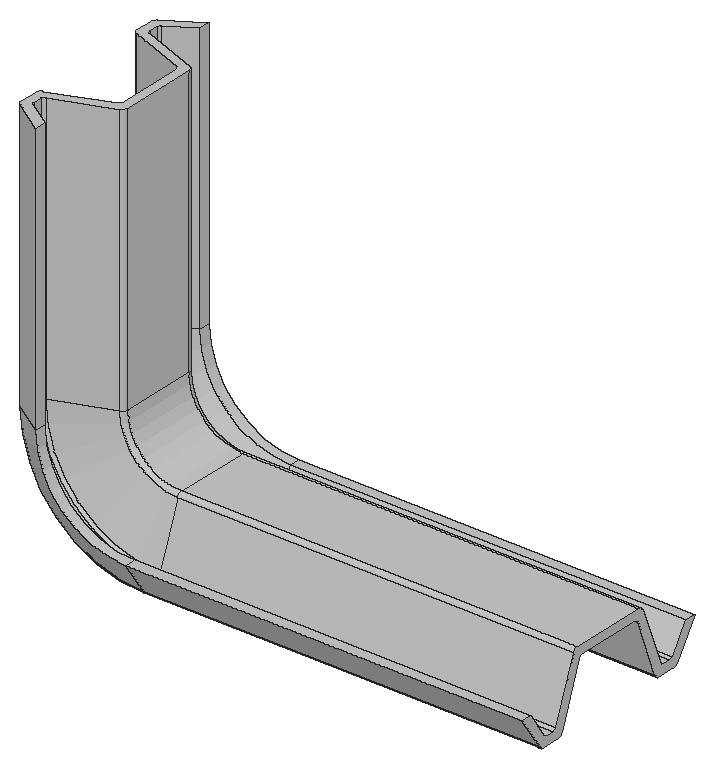
Revit family "E_Cable Tray Support_MEPcontent_OBO Bettermann_Bracket TPSA FT", category Cable Tray Fittings, Revit 2015
Parameters (values of type "TPSA 145 FT")
  Wholesaler Art. No. = ""
  Wholesaler = ""
  Watermarked By = "www.stabiplan.com"
  Width 1 = 145.00 mm
  Width = Width 1  # 145 mm
  URL = "www.stabiplan.com"
  Tray Height [instance] = 60.00 mm
  built-in parameter 1140111 [instance] = 2.50 mm  # 0.0082021 (stored number, unit not read)
  Stabu Code = ""
  Revit Version = "2015"  # constant formula
  MEPcontent Class = "CABLE_TRAY_SUPPORT"  # constant formula
  Internal Art. No. = ""
  IFCExportType = "NOTDEFINED"  # constant formula
  IFCExportAs = "IfcCableCarrierFittingType"  # constant formula
  Function Code [instance] = ""
  Family Version = "10.14"  # constant formula
  ETIM Article Class = "EC000022"  # constant formula
  EMCS Version = "2.0"  # constant formula
  Copyright = "© Stabiplan International BV"  # constant formula
  Content Supplier URL = ""
  CB-NL Class = ""
  Article Type = if(and(Width = 145.00 mm, Height = 120.00 mm), "TPSA 145 FT ", if(and(Width = 195.00 mm, Height = 120.00 mm), "TPSA 195 FT", if(and(Width = 245.00 mm, Height = 120.00 mm), "TPSA 245 FT", if(and(Width = 345.00 mm, Height = 120.00 mm), "TPSA 345 FT ", "Unknown"))))  # "TPSA 145 FT "
  Product Line = "OBO BETTERMANN CableTrays"  # constant formula
  Model = if(and(Width = 145.00 mm, Height = 120.00 mm), "TPSA 145 FT ", if(and(Width = 195.00 mm, Height = 120.00 mm), "TPSA 195 FT", if(and(Width = 245.00 mm, Height = 120.00 mm), "TPSA 245 FT", if(and(Width = 345.00 mm, Height = 120.00 mm), "TPSA 345 FT ", "Unknown"))))  # "TPSA 145 FT "
  Manufacturer = "OBO BETTERMANN"  # constant formula
  Custom [instance] = if(and(Width = 145.00 mm, Height = 120.00 mm), 1 = 0, if(and(Width = 195.00 mm, Height = 120.00 mm), 1 = 0, if(and(Width = 245.00 mm, Height = 120.00 mm), 1 = 0, if(and(Width = 345.00 mm, Height = 120.00 mm), 1 = 0, 1 = 1))))  # no
  Half Tray Height [instance] = Tray Height / 2  # 30.00 mm
  Height 1 = 120.00 mm  # constant formula
  Height = Height 1  # 120 mm
  GTIN = if(and(Width = 145.00 mm, Height = 120.00 mm), "4012196473892", if(and(Width = 195.00 mm, Height = 120.00 mm), "4012196555673", if(and(Width = 245.00 mm, Height = 120.00 mm), "4012196473953", if(and(Width = 345.00 mm, Height = 120.00 mm), "4012196474011", "Unknown"))))  # "4012196473892"
  Description = "Wall and Ceiling Bracket"
  Depth = 60.00 mm  # constant formula
  Manufacturer URL = "http://catalog4.obo-bettermann.com/catalogue/catalogue.do?favOid=kts_92394&OID=kts_50840&act=showIO&lang=nl&forward=showProductGroupView&action=showOneProduct&catId="
  Gray = Color RGB 189-187-185
  Manufacturer Art. No. = if(and(Width = 145.00 mm, Height = 120.00 mm), "6364659", if(and(Width = 195.00 mm, Height = 120.00 mm), "6364683", if(and(Width = 245.00 mm, Height = 120.00 mm), "6364667", if(and(Width = 345.00 mm, Height = 120.00 mm), "6364675", "Unknown"))))  # "6364659"
  Article Description = "Wall and Ceiling Bracket"
Types (4, lengths in mm): name | Width 1 | Width | Tray Height | Article Type | Model | Half Tray Height | GTIN | Manufacturer Art. No.
  TPSA 145 FT | 145.00 | 145 | 60.00 | "TPSA 145 FT " | "TPSA 145 FT " | 30.00 | "4012196473892" | "6364659"
  TPSA 245 FT | 245.00 | 245 | 150.00 | "TPSA 245 FT" | "TPSA 245 FT" | 75.00 | "4012196473953" | "6364667"
  TPSA 345 FT | 345.00 | 345 | 110.00 | "TPSA 345 FT " | "TPSA 345 FT " | 55.00 | "4012196474011" | "6364675"
  TPSA 195 FT | 195.00 | 195 | 60.00 | "TPSA 195 FT" | "TPSA 195 FT" | 30.00 | "4012196555673" | "6364683"
Reference planes
  plane 1 "Center (Front/Back)": y = 0
  plane 2: z = 0
  plane 3 "Center (Left/Right)": x = 0
  plane 4: z = 70
  plane 5: z = -50
  plane 6: y = 30
  plane 7: y = -30
  plane 8: x = 52.5
  plane 9: x = -72.5
  plane 10: x = 47.5
  plane 11: x = 72.5
  plane 12: z = 50
  plane 13: x = -52.5
  plane 14: z = -30
  plane 15: z = 60
  plane 16: x = -62.5
  plane 17: z = -40
  plane 18: y = -10
  plane 19: y = 10
  plane 20: y = -23.34
  plane 21: y = -16.67
  plane 22: y = 23.34
  plane 23: y = 16.67
  plane 24: y = 12.5
  plane 25: y = -12.5
Forms (mm)
  Sweep 1, solid, material "Color RGB 189-187-185" <- "Gray", detail levels medium+fine
    path origin (0, 0, 0) x (1, 0, 0) y (0, 0, 1)
      loop
        line (72.5, -30) -> (-37.5, -30)
        arc (-37.5, -30) -> (-55.178, -22.678) -> (-62.5, -5) r 25
        line (-62.5, -5) -> (-62.5, 70)
    profile origin (17.5, 0, -30) x (0, 0, -1) y (0, -1, 0)
      loop
        line (0, -26.996) -> (0, -30) -> (9.331, -23.785)
        arc (9.331, -23.785) -> (9.822, -23.245) -> (10, -22.537) r 1.5
        line (10, -22.537) -> (10, -17.704)
        arc (10, -17.704) -> (9.735, -16.852) -> (9.034, -16.302) r 1.5
        line (9.034, -16.302) -> (-6.856, -10.245)
        arc (-6.856, -10.245) -> (-7.323, -9.878) -> (-7.5, -9.311) r 1
        line (-7.5, -9.311) -> (-7.5, 9.311)
        arc (-7.5, 9.311) -> (-7.323, 9.878) -> (-6.856, 10.245) r 1
        line (-6.856, 10.245) -> (9.034, 16.302)
        arc (9.034, 16.302) -> (9.735, 16.852) -> (10, 17.704) r 1.5
        line (10, 17.704) -> (10, 22.537)
        arc (10, 22.537) -> (9.822, 23.245) -> (9.331, 23.785) r 1.5
        line (9.331, 23.785) -> (0, 30) -> (0, 26.996) -> (7.054, 22.298)
        arc (7.054, 22.298) -> (7.382, 21.938) -> (7.5, 21.466) r 1
        line (7.5, 21.466) -> (7.5, 19.082)
        arc (7.5, 19.082) -> (7.323, 18.514) -> (6.856, 18.147) r 1
        line (6.856, 18.147) -> (-9.034, 12.091)
        arc (-9.034, 12.091) -> (-9.735, 11.54) -> (-10, 10.689) r 1.5
        line (-10, 10.689) -> (-10, -10.689)
        arc (-10, -10.689) -> (-9.735, -11.54) -> (-9.034, -12.091) r 1.5
        line (-9.034, -12.091) -> (6.856, -18.147)
        arc (6.856, -18.147) -> (7.323, -18.514) -> (7.5, -19.082) r 1
        line (7.5, -19.082) -> (7.5, -21.466)
        arc (7.5, -21.466) -> (7.382, -21.938) -> (7.054, -22.298) r 1
        line (7.054, -22.298) -> (0, -26.996)
Lines and regions (mm)
  model lines, style "Fittings", detail levels coarse
    curve 1: line (72.5, 0, -40) -> (-62.5, 0, -40)
    curve 2: line (-62.5, 0, 70) -> (-62.5, 0, -40)
Dimensions and locks
  equal spacing: plane 6, plane 1 "Center (Front/Back)", plane 7
  "Depth": plane 6 to plane 7
  "Height": plane 4 to plane 5
  locked: plane 9 to plane 10 at 120
  equal spacing: plane 9, plane 3 "Center (Left/Right)", plane 11
  "Width": plane 9 to plane 11
  locked: plane 4 to plane 12 at 20
  locked: plane 9 to plane 13 at 20
  locked: plane 14 to plane 5 at 20
  equal spacing: plane 4, plane 15, plane 12
  equal spacing: plane 9, plane 16, plane 13
  equal spacing: plane 14, plane 17, plane 5
  equal spacing: plane 18, profile plane, plane 19
  locked: plane 18 to plane 19 at 20
  locked: plane 21 to plane 18 at 6.67
  equal spacing: plane 20, plane 21, plane 18
  plane 20 to plane 21 = 6.67 mm
  plane 22 to plane 23 = 6.67 mm
  equal spacing: plane 19, plane 23, plane 22
  plane 19 to plane 23 = 6.67 mm
  "Half Tray Height": level to plane 14
  radius of Sweep 1 sketch curve = 1.50 mm  (x7)
  radius of Sweep 1 sketch curve = 1.00 mm  (x6)
  radius of Sweep 1 sketch curve = 25.00 mm
  aligned and locked: level to plane 2
  aligned and locked: plane 17 to curve 2
  aligned and locked: plane 16 to curve 1
  aligned and locked: plane 11 to curve 1
  aligned and locked: plane 14 to Sweep 1 sketch curve
  aligned and locked: plane 11 to Sweep 1 sketch curve
  aligned and locked: Sweep 1 sketch curve to plane 16
  aligned and locked: plane 4 to Sweep 1 sketch curve
  aligned and locked: plane 4 to curve 2
Automatic sketch dimensions
  Sweep 1 sketch curve to profile plane = 0.00 mm  (x2)
  plane 19 to Sweep 1 sketch curve = 0.689 mm
  profile plane to Sweep 1 sketch curve = 6.50 mm
  Sweep 1 sketch curve to plane 19 = 0.245 mm
  Sweep 1 sketch curve to plane 18 = 0.245 mm
  Sweep 1 sketch curve to Sweep 1 sketch curve = 0.356 mm
  Sweep 1 sketch curve to plane 19 = 0.689 mm
  Sweep 1 sketch curve to Sweep 1 sketch curve = 1.00 mm  (x3)
  Sweep 1 sketch curve to plane 24 = 0.409 mm
  Sweep 1 sketch curve to plane 25 = 0.409 mm
  Sweep 1 sketch curve to Sweep 1 sketch curve = 0.534 mm  (x3)
  Sweep 1 sketch curve to plane 21 = 2.412 mm
  Sweep 1 sketch curve to profile plane = 6.50 mm  (x2)
  Sweep 1 sketch curve to plane 23 = 2.412 mm
  Sweep 1 sketch curve to plane 23 = 1.477 mm
  Sweep 1 sketch curve to plane 21 = 1.477 mm
  plane 22 to Sweep 1 sketch curve = 1.042 mm
  Sweep 1 sketch curve to Sweep 1 sketch curve = 0.446 mm  (x2)
  plane 20 to Sweep 1 sketch curve = 1.042 mm
  plane 21 to Sweep 1 sketch curve = 0.368 mm
  plane 23 to Sweep 1 sketch curve = 0.368 mm
  Sweep 1 sketch curve to plane 22 = 0.445 mm
  Sweep 1 sketch curve to Sweep 1 sketch curve = 0.669 mm  (x2)
  Sweep 1 sketch curve to plane 20 = 0.445 mm
  Sweep 1 sketch curve to plane 22 = 3.656 mm
  Sweep 1 sketch curve to Sweep 1 sketch curve = 3.004 mm  (x2)
  Sweep 1 sketch curve to plane 20 = 3.656 mm
